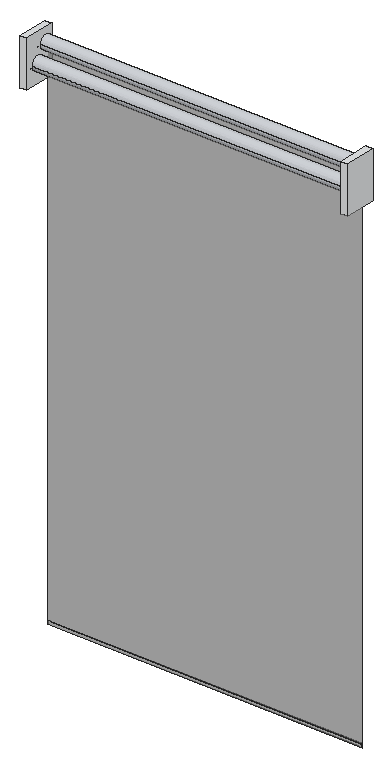
Revit family "Window_Shade-Draper_Inc.-Dual_Roller_Motorized_FlexShade", category Specialty Equipment, Revit 2017
Family settings
  Round Connector Dimension = Use Diameter
  Part Type = Normal
  OmniClass Number = 23.30.20.11
  OmniClass Title = Window Components
  Work Plane-Based = No
  Always vertical = Yes
  Cut with Voids When Loaded = No
  Shared = No
  Room Calculation Point = No
Parameters (values of type "Dual Roller Motorized FlexShade")
  Width = B  # 0' - 6 13/16"
  Voltage = 120 V
  URL = "http://www.DraperInc.com"
  Shade Material = Fabric - Draper - Green Screen Revive 5%
  Raised [instance] = not(Lowered)  # yes
  Product Page URL = "https://www.draperinc.com/windowshades/productdetail.aspx?detail=29"
  Product Name = "Dual Roller Motorized FlexShade®"  # constant formula
  Product Documentation Link = "https://www.draperinc.com/DocumentDownload.aspx?path=WindowShades/instructions&file=FasciaBattery_24V_DualRoller_Inst.pdf"
  Power Factor = 1
  Phase = 1
  Overall Height = 6' - 0"
  Number of Poles = 1
  Model = "Dual Roller Motorized FlexShade®"  # constant formula
  Material = ""
  Manufacturer Contact = "1-800-238-7999"  # constant formula
  Manufacturer = "Draper Inc."  # constant formula
  Lowered 2 = yes
  Lowered [instance] = no
  Length = 4' - 0"
  Head Box = no
  Frequency = 60 Hz
  Fascia Material = Powder Coat - Draper - White
  Fascia = no
  Description = "Dual Motorized Shade"  # constant formula
  Depth = A  # 0' - 4 5/8"
  C Length = if(Length < 3' 0", 3' 0", if(Length > 16' 0", 16' 0", Length))  # 4' - 0"
  C Height = if(Overall Height < 0' 4", 0' 4", if(Overall Height > 24' 0", 24' 0", Overall Height))  # 6' - 0"
  Brackets Only = yes
  Apparent Load = 156 VA
  A = 0' - 4 5/8"
  B = 0' - 6 13/16"
  C = 0' - 0"
  D = 0' - 0"
  E = 0' - 1"
Reference planes (in)
  plane 1 "Center (Front/Back)": y = 0
  plane 2: z = 0
  plane 3 "Center (Left/Right)": x = 0
  plane 4 "Front": y = -4.625
  plane 5 "Left": x = -24
  plane 6 "Right": x = 24
  plane 7 "Bottom": z = -72
  plane 8: x = -23.9375
  plane 9: x = 23.9375
  plane 10: z = -71.4775
  plane 11: x = -23.0625
  plane 12: x = 23.0625
  plane 13: z = 6.8125
  plane 14: y = -1.1875
Forms (in)
  Extrusion 1, solid, material "Fabric - Draper - Green Screen Revive 5%" <- "Shade Material", visible <- "Lowered 2"
    sketch origin (0, 0, 0) x (0, 1, 0) y (0, 0, 1)
      loop
        spline (-0.62504, -72) -> (-0.61311, -71.9726) -> (-0.6027, -71.93679) -> (-0.59419, -71.89386) -> (-0.58788, -71.84536) -> (-0.584, -71.79303) -> (-0.58269, -71.73875) -> (-0.584, -71.68447) -> (-0.58788, -71.63214) -> (-0.59419, -71.58364) -> (-0.6027, -71.54072) -> (-0.61311, -71.50491) -> (-0.62504, -71.4775)
        line (-0.62504, -71.4775) -> (-0.68598, -71.4775)
        spline (-0.68598, -71.4775) -> (-0.69791, -71.50491) -> (-0.70832, -71.54072) -> (-0.71683, -71.58364) -> (-0.72314, -71.63214) -> (-0.72702, -71.68447) -> (-0.72833, -71.73875) -> (-0.72702, -71.79303) -> (-0.72314, -71.84536) -> (-0.71683, -71.89386) -> (-0.70832, -71.93679) -> (-0.69791, -71.9726) -> (-0.68598, -72)
        line (-0.68598, -72) -> (-0.62504, -72)
    from -23.0625 to 23.0625
  Sweep 2, solid, material "Fabric - Draper - Green Screen Revive 5%" <- "Shade Material", visible <- "Lowered 2"
    path origin (0, 0, 0) x (0, 1, 0) y (0, 0, 1)
      loop
        line (-0.65551, 4.9375) -> (-0.65551, -71.4775)
    profile origin (0, -0.65551, -71.4775) x (1, 0, 0) y (0, 1, 0)
      loop
        line (-23.0625, 0.03125) -> (-23.0625, -0.03125) -> (23.0625, -0.03125) -> (23.0625, 0.03125) -> (-23.0625, 0.03125)
  Extrusion 3, solid
    sketch origin (0, 0, 0) x (0, 1, 0) y (0, 0, 1)
      loop
        circle (-1.1875, 4.9375) r 1
    from -23.9375 to 23.9375
  Sweep 4, solid, material "Fabric - Draper - Green Screen Revive 5%" <- "Shade Material", visible <- "Lowered"
    path origin (0, -1.2, 0) x (0, 1, 0) y (0, 0, 1)
      loop
        line (-0.65551, 2.7725) -> (-0.65551, -71.4775)
    profile origin (0, -1.85551, -71.4775) x (1, 0, 0) y (0, 1, 0)
      loop
        line (-23.0625, 0.03125) -> (-23.0625, -0.03125) -> (23.0625, -0.03125) -> (23.0625, 0.03125) -> (-23.0625, 0.03125)
  Extrusion 5, solid
    sketch origin (0, 0, -3) x (0, 1, 0) y (0, 0, 1)
      loop
        circle (-2.6875, 5.80353) r 1
    from -23.9375 to 23.9375
  Extrusion 6, solid, material "Fabric - Draper - Green Screen Revive 5%" <- "Shade Material", visible <- "Lowered"
    sketch origin (0, -1.2, 0) x (0, 1, 0) y (0, 0, 1)
      loop
        spline (-0.62504, -72) -> (-0.61311, -71.9726) -> (-0.6027, -71.93679) -> (-0.59419, -71.89386) -> (-0.58788, -71.84536) -> (-0.584, -71.79303) -> (-0.58269, -71.73875) -> (-0.584, -71.68447) -> (-0.58788, -71.63214) -> (-0.59419, -71.58364) -> (-0.6027, -71.54072) -> (-0.61311, -71.50491) -> (-0.62504, -71.4775)
        line (-0.62504, -71.4775) -> (-0.68598, -71.4775)
        spline (-0.68598, -71.4775) -> (-0.69791, -71.50491) -> (-0.70832, -71.54072) -> (-0.71683, -71.58364) -> (-0.72314, -71.63214) -> (-0.72702, -71.68447) -> (-0.72833, -71.73875) -> (-0.72702, -71.79303) -> (-0.72314, -71.84536) -> (-0.71683, -71.89386) -> (-0.70832, -71.93679) -> (-0.69791, -71.9726) -> (-0.68598, -72)
        line (-0.68598, -72) -> (-0.62504, -72)
    from -23.0625 to 23.0625
Lines and regions (in)
  Masking region 1
    outline origin (0, 0, 0) x (1, 0, 0) y (0, 1, 0)
      loop
        line (-24, 0) -> (-24, -4.625) -> (24, -4.625) -> (24, 0) -> (-24, 0)
  Masking region 2
    outline origin (0, 0, 0) x (1, 0, 0) y (0, 1, 0)
      loop
        line (24, -4.625) -> (24, 0) -> (23.9375, 0) -> (23.9375, -4.625) -> (24, -4.625)
  Masking region 3
    outline origin (-98.4375, 0, 0) x (1, 0, 0) y (0, 1, 0)
      loop
        line (74.5, -4.625) -> (74.5, 0) -> (74.4375, 0) -> (74.4375, -4.625) -> (74.5, -4.625)
  symbolic lines, detail levels medium+fine
    curve 1: line (23.92951, -0.06265, 0) -> (23.9375, -0.06265, 0)
    curve 2: line (23.92951, -0.06265, 0) -> (23.92951, -3.61439, 0)
    curve 3: line (23.92951, -3.61439, 0) -> (23.9375, -3.61439, 0)
    curve 6: line (24, -4.5, 0) -> (-24, -4.5, 0)
  symbolic lines, detail levels fine
    curve 4: circle (-23.75419, 0, 6.17499) r 0.0625 normal (0, -1, 0)
    curve 5: circle (23.75419, 0, 6.17499) r 0.0625 normal (0, 1, 0)
    curve 7: line (-23.9375, -0.125, 0) -> (23.92951, -0.125, 0)
    curve 8: line (-23.9375, -1.40928, 0) -> (-23.9375, -0.125, 0)
    curve 9: line (23.92951, -1.40928, 0) -> (-23.9375, -1.40928, 0)
    curve 10: line (23.92951, -0.125, 0) -> (23.92951, -1.40928, 0)
Dimensions and locks (in)
  plane 1 "Center (Front/Back)" to plane 4 "Front" = 0' - 4 5/8"
  locked: plane 10 to plane 7 "Bottom" at 0.5225
  locked: plane 5 "Left" to plane 11 at 0.9375
  locked: plane 12 to plane 6 "Right" at 0.9375
  Sweep 2 sketch curve to profile plane to Sweep 2 sketch curve = 0' - 0 1/32" locked, 0' - 0 1/32" locked
  locked: plane 13 to Sweep 2 sketch curve at 1.875
  "Depth": plane 1 "Center (Front/Back)" to plane 4 "Front"
  "C Height": plane 7 "Bottom" to level
  equal spacing: plane 5 "Left", plane 3 "Center (Left/Right)", plane 6 "Right"
  "C Length": plane 5 "Left" to plane 6 "Right"
  locked: plane 10 to Sweep 2 sketch curve at 0
  locked: plane 1 "Center (Front/Back)" to Sweep 2 sketch curve at 0.65551
  locked: plane 13 to curve 4 at 0.63751
  locked: plane 5 "Left" to curve 4 at 0.24581
  locked: curve 5 to plane 6 "Right" at 0.24581
  locked: plane 13 to curve 5 at 0.63751
  "Width": plane 13 to plane 2
  plane 1 "Center (Front/Back)" to Extrusion 1 sketch curve to Extrusion 1 sketch curve to Extrusion 1 sketch curve = 0' - 0.58269" locked, 0' - 0.07282" locked, 0' - 0.07282" locked
  locked: plane 14 to Extrusion 3 sketch curve at 0
  locked: Extrusion 3 sketch curve to level at 4.9375
  locked: Extrusion 3 sketch curve to plane 14 at 1
  Sweep 4 sketch curve to profile plane to Sweep 4 sketch curve = 0' - 0 1/32" locked, 0' - 0 1/32" locked
  locked: Extrusion 5 sketch curve to level at 2.80353
  locked: plane 14 to Extrusion 5 sketch curve at 1.5
  locked: plane 14 to Extrusion 5 sketch curve at 2.5
  locked: plane 13 to Sweep 4 sketch curve at 4.04
  plane 1 "Center (Front/Back)" to Extrusion 6 sketch curve to Extrusion 6 sketch curve to Extrusion 6 sketch curve = 0' - 1.78269" locked, 0' - 0.07282" locked, 0' - 0.07282" locked
  aligned and locked: level to plane 2
  aligned and locked: plane 11 to Sweep 2 sketch curve
  aligned and locked: Sweep 2 sketch curve to plane 12
  aligned and locked: plane 4 "Front" to Masking region 2 sketch curve
  aligned and locked: plane 1 "Center (Front/Back)" to Masking region 3 sketch curve
  aligned and locked: plane 8 to Masking region 3 sketch curve
  aligned and locked: Masking region 3 sketch curve to plane 5 "Left"
  aligned and locked: plane 4 "Front" to Masking region 3 sketch curve
  aligned and locked: plane 9 to curve 1
  aligned and locked: plane 9 to curve 3
  aligned and locked: Extrusion 1 sketch curve to plane 7 "Bottom"
  aligned and locked: Extrusion 1 sketch curve to plane 10
  aligned and locked: plane 11 to Extrusion 1
  aligned and locked: Extrusion 1 to plane 12
  aligned and locked: plane 1 "Center (Front/Back)" to Masking region 1 sketch curve
  aligned and locked: Masking region 1 sketch curve to plane 5 "Left"
  aligned and locked: Masking region 1 sketch curve to plane 4 "Front"
  aligned and locked: Masking region 1 sketch curve to plane 6 "Right"
  aligned and locked: plane 6 "Right" to curve 6
  aligned and locked: plane 5 "Left" to curve 6
  aligned and locked: curve 2 to curve 10
  aligned and locked: plane 3 "Center (Left/Right)" to nested 1
  aligned and locked: plane 1 "Center (Front/Back)" to nested 1
  aligned and locked: plane 13 to nested 1
  aligned and locked: plane 3 "Center (Left/Right)" to nested 2
  aligned and locked: plane 1 "Center (Front/Back)" to nested 2
  aligned and locked: plane 13 to nested 2
  aligned and locked: plane 3 "Center (Left/Right)" to nested 3
  aligned and locked: plane 1 "Center (Front/Back)" to nested 3
  aligned and locked: plane 13 to nested 3
  aligned and locked: plane 8 to Extrusion 3
  aligned and locked: Extrusion 3 to plane 9
  aligned and locked: plane 11 to Extrusion 6
  aligned and locked: Extrusion 6 to plane 12
  aligned and locked: Sweep 4 sketch curve to plane 11
  aligned and locked: plane 12 to Sweep 4 sketch curve
Automatic sketch dimensions
  curve 8 to plane 8 = 0' - 0"
  curve 2 to curve 3 = 0' - 0.00799"
  plane 4 "Front" to curve 2 = 0' - 1.01061"
  curve 10 to plane 14 = 0' - 0.22178"
  plane 1 "Center (Front/Back)" to curve 10 = 0' - 0 1/8"
  curve 7 to curve 1 = 0' - 0.06235"
  plane 4 "Front" to curve 6 = 0' - 0 1/8"
  Extrusion 1 sketch curve to Extrusion 1 sketch curve = 0' - 0.03047"  (x3)
  Extrusion 1 sketch curve to Extrusion 1 sketch curve = 0' - 0.06093"
  Extrusion 1 sketch curve to Extrusion 1 sketch curve = 0' - 0"
  Masking region 2 sketch curve to plane 9 = 0' - 0"
  plane 1 "Center (Front/Back)" to Masking region 2 sketch curve = 0' - 0"
  Masking region 2 sketch curve to plane 6 "Right" = 0' - 0"
  plane 10 to Sweep 4 sketch curve = 0' - 0"
  Sweep 4 sketch curve to plane 14 = 0' - 0.66801"
  plane 10 to Extrusion 6 sketch curve = 0' - 0"
  Extrusion 6 sketch curve to plane 7 "Bottom" = 0' - 0"
  Extrusion 6 sketch curve to Extrusion 6 sketch curve = 0' - 0"  (x2)
  Extrusion 6 sketch curve to Extrusion 6 sketch curve = 0' - 0.06093"  (x2)
  Extrusion 6 sketch curve to Extrusion 6 sketch curve = 0' - 0.03047"
  radius of curve 4 = 0' - 0 1/16"
  radius of curve 5 = 0' - 0 1/16"
Nested families (in)
  nested 1: "Headbox Flex_2" at (0, 0, 0), visible <- "Head Box", type "Small"
    with Width 0' - 6 13/16", Depth 0' - 4 5/8", A 0' - 4 5/8", B 0' - 6 13/16"
  nested 2: "Square Flex_2" at (0, 0, 0), visible <- "Fascia", type "Small"
    with Width 0' - 6 13/16", Depth 0' - 4 5/8", A 0' - 4 5/8", B 0' - 6 13/16"
  nested 3: "Brackets Flex_2" at (0, 0, 0), visible <- "Brackets Only", type "Small"
    with Width 0' - 6 13/16", Depth 0' - 4 5/8", A 0' - 4 5/8", B 0' - 6 13/16"
Connectors (in)
  electrical at (24, -2.3125, 3.40625), driven by "Voltage", driven by "Apparent Load", driven by "Number of Poles", driven by "Power Factor"
    settings: on nested 1, index 1, voltage 120 V, apparent load 0 VA, apparent load phase1 156 VA, apparent load phase2 0 VA, apparent load phase3 0 VA, power factor 1, load classification "Other", number of poles 1, system type 31, power factor state 1, is connector primary yes, connector utility no, sub classification motor no, connector description "Power Connection"
Definition of nested family "Headbox Flex_2"
  Parameters
    Width = B  # 0' - 6 5/8"
    URL = "http://www.DraperInc.com"
    Shade Material = none
    Product Page URL = "http://www.draperinc.com/WindowShades/shadeProducts.asp?detail=6"
    Product Name = "Motorized FlexShade 2"  # constant formula
    Product Documentation Link = "http://www.draperinc.com/WindowShades/shadeProducts.asp?detail=6#"
    Model = ""
    Manufacturer Contact = "1-800-238-7999"  # constant formula
    Manufacturer = "Draper Inc."  # constant formula
    Overall Height = 6' - 0"
    Length = 4' - 0"
    Fascia Material = none
    Description = "Motorized Shade"  # constant formula
    Depth = A  # 0' - 6 5/8"
    A = 0' - 6 5/8"
    B = 0' - 6 5/8"
    C = 0' - 0"
    D = 0' - 0"
    E = 0' - 1"
  Reference planes (in)
    plane 1 "Center (Front/Back)": y = 0
    plane 2: z = 0
    plane 3 "Center (Left/Right)": x = 0
    plane 4 "Front": y = -6.625
    plane 5 "Left": x = -24
    plane 6 "Right": x = 24
    plane 7: x = -23.9375
    plane 8: x = 23.9375
    plane 9: x = -23.0625
    plane 10: x = 23.0625
    plane 11: z = 6.625
    plane 12: y = -1.1875
  Forms (in)
    Extrusion 1, solid, material <- "Fascia Material"
      sketch origin (0, 0, 0) x (0, 1, 0) y (0, 0, 1)
        loop
          line (0, 6.625) -> (-6.625, 6.625) -> (-6.625, 0) -> (-1.40928, 0) -> (-1.40928, 0.125) -> (-6.5, 0.125) -> (-6.5, 6.5) -> (-0.125, 6.5) -> (-0.125, 0.125) -> (-0.49703, 0.125) -> (-0.49703, 0) -> (0, 0) -> (0, 6.625)
      from -23.9375 to 23.92951
    Extrusion 2, solid, material <- "Fascia Material"
      sketch origin (0, 0, 0) x (0, 1, 0) y (0, 0, 1)
        loop
          line (-6.625, 6.625) -> (-6.625, 0) -> (0, 0) -> (0, 6.625) -> (-6.625, 6.625)
      from 23.9375 to 24
    Extrusion 3, solid, material <- "Fascia Material"
      sketch origin (0, 0, 0) x (0, 1, 0) y (0, 0, 1)
        loop
          line (0, 6.625) -> (-6.625, 6.625) -> (-6.625, 0) -> (0, 0) -> (0, 6.625)
      from -24 to -23.9375
  Lines and regions (in)
    Masking region 1
      outline origin (0, 0, 0) x (1, 0, 0) y (0, 1, 0)
        loop
          line (-24, 0) -> (-24, -6.625) -> (24, -6.625) -> (24, 0) -> (-24, 0)
    Masking region 2
      outline origin (0, 0, 0) x (1, 0, 0) y (0, 1, 0)
        loop
          line (24, -6.625) -> (24, 0) -> (23.9375, 0) -> (23.9375, -6.625) -> (24, -6.625)
    Masking region 3
      outline origin (-98.4375, 0, 0) x (1, 0, 0) y (0, 1, 0)
        loop
          line (74.5, -6.625) -> (74.5, 0) -> (74.4375, 0) -> (74.4375, -6.625) -> (74.5, -6.625)
    Masking region 4
      outline origin (0, 0, 0) x (0, 1, 0) y (0, 0, 1)
        loop
          line (0, 6.625) -> (-6.625, 6.625) -> (-6.625, 0) -> (0, 0) -> (0, 6.625)
    symbolic lines, detail levels medium+fine
      curve 1: line (23.92951, -0.06265, 0) -> (23.9375, -0.06265, 0)
      curve 2: line (23.92951, -0.06265, 0) -> (23.92951, -5.61439, 0)
      curve 3: line (23.92951, -5.61439, 0) -> (23.9375, -5.61439, 0)
      curve 6: line (24, -6.5, 0) -> (-24, -6.5, 0)
    symbolic lines, detail levels fine
      curve 4: circle (-23.75419, 0, 5.98749) r 0.0625 normal (0, -1, 0)
      curve 5: circle (23.75419, 0, 5.98749) r 0.0625 normal (0, 1, 0)
      curve 7: line (-23.9375, -0.125, 0) -> (23.92951, -0.125, 0)
      curve 8: line (-23.9375, -1.40928, 0) -> (-23.9375, -0.125, 0)
      curve 9: line (23.92951, -1.40928, 0) -> (-23.9375, -1.40928, 0)
      curve 10: line (23.92951, -0.125, 0) -> (23.92951, -1.40928, 0)
  Dimensions and locks (in)
    plane 1 "Center (Front/Back)" to plane 4 "Front" = 0' - 6 5/8"
    locked: plane 5 "Left" to plane 9 at 0.9375
    locked: plane 10 to plane 6 "Right" at 0.9375
    "Depth": plane 1 "Center (Front/Back)" to plane 4 "Front"
    equal spacing: plane 5 "Left", plane 3 "Center (Left/Right)", plane 6 "Right"
    "Length": plane 5 "Left" to plane 6 "Right"
    plane 5 "Left" to Extrusion 1 = 0' - 0 1/16"
    locked: Extrusion 1 to plane 6 "Right" at 0.07049
    locked: plane 11 to curve 4 at 0.63751
    locked: plane 5 "Left" to curve 4 at 0.24581
    locked: curve 5 to plane 6 "Right" at 0.24581
    locked: plane 11 to curve 5 at 0.63751
    "Width": plane 11 to plane 2
    locked: plane 1 "Center (Front/Back)" to Extrusion 1 sketch curve at 0.125
    locked: Extrusion 1 sketch curve to plane 4 "Front" at 0.125
    locked: plane 11 to Extrusion 1 sketch curve at 0.125
    locked: Extrusion 1 sketch curve to plane 2 at 0.125  (x2)
    locked: Extrusion 1 to plane 4 "Front" at 0.125
    aligned and locked: level to plane 2
    aligned and locked: Extrusion 2 to plane 6 "Right"
    aligned and locked: plane 8 to Extrusion 2
    aligned and locked: plane 5 "Left" to Extrusion 3
    aligned and locked: Extrusion 3 to plane 7
    aligned and locked: Masking region 2 sketch curve to Extrusion 2  (x2)
    aligned and locked: plane 4 "Front" to Masking region 2 sketch curve
    aligned and locked: plane 1 "Center (Front/Back)" to Masking region 3 sketch curve
    aligned and locked: plane 7 to Masking region 3 sketch curve
    aligned and locked: Masking region 3 sketch curve to plane 5 "Left"
    aligned and locked: plane 4 "Front" to Masking region 3 sketch curve
    aligned and locked: plane 8 to curve 1
    aligned and locked: plane 8 to curve 3
    aligned and locked: plane 11 to Extrusion 3 sketch curve
    aligned and locked: Extrusion 3 sketch curve to plane 1 "Center (Front/Back)"
    aligned and locked: Extrusion 3 sketch curve to level
    aligned and locked: Extrusion 3 sketch curve to plane 4 "Front"
    aligned and locked: Extrusion 1 sketch curve to Extrusion 2  (x4)
    aligned and locked: plane 7 to Extrusion 1
    aligned and locked: plane 1 "Center (Front/Back)" to Masking region 1 sketch curve
    aligned and locked: Masking region 1 sketch curve to plane 5 "Left"
    aligned and locked: Masking region 1 sketch curve to plane 4 "Front"
    aligned and locked: Masking region 1 sketch curve to plane 6 "Right"
    aligned and locked: plane 6 "Right" to curve 6
    aligned and locked: plane 5 "Left" to curve 6
    aligned and locked: Masking region 4 sketch curve to Extrusion 1  (x3)
    aligned and locked: Masking region 4 sketch curve to Extrusion 2
    aligned and locked: curve 7 to Extrusion 1
    aligned and locked: curve 8 to Extrusion 1
    aligned and locked: curve 9 to Extrusion 1
    aligned and locked: curve 2 to curve 10
  Automatic sketch dimensions
    plane 1 "Center (Front/Back)" to Masking region 2 sketch curve = 0' - 0"
    Extrusion 2 sketch curve to plane 1 "Center (Front/Back)" = 0' - 0"
    Extrusion 2 sketch curve to plane 11 = 0' - 0"
    Extrusion 1 sketch curve to level = 0' - 0"
    Extrusion 1 sketch curve to plane 12 = 0' - 0.22178"
    Extrusion 1 sketch curve to Extrusion 1 sketch curve = 0' - 0.37203"
    curve 2 to curve 3 = 0' - 0.00799"
    plane 4 "Front" to curve 6 = 0' - 0 1/8"
    curve 6 to curve 2 = 0' - 0.88561"
    plane 1 "Center (Front/Back)" to curve 1 = 0' - 0.06265"
    Extrusion 2 sketch curve to plane 4 "Front" = 0' - 0"
    level to Extrusion 2 sketch curve = 0' - 0"
    radius of curve 4 = 0' - 0 1/16"
    radius of curve 5 = 0' - 0 1/16"
Definition of nested family "Square Flex_2"
  Parameters (values of type "Small")
    Width = B  # 0' - 3 13/32"
    URL = "http://www.DraperInc.com"
    Shade Material = none
    Product Page URL = "http://www.draperinc.com/WindowShades/shadeProducts.asp?detail=6"
    Product Name = "Motorized FlexShade 2"  # constant formula
    Product Documentation Link = "http://www.draperinc.com/WindowShades/shadeProducts.asp?detail=6#"
    Model = ""
    Manufacturer Contact = "1-800-238-7999"  # constant formula
    Manufacturer = "Draper Inc."  # constant formula
    Overall Height = 6' - 0"
    Length = 4' - 0"
    Fascia Material = none
    Description = "Motorized Shade"  # constant formula
    Depth = A  # 0' - 3 103/256"
    A = 0' - 3 103/256"
    B = 0' - 3 13/32"
    C = 0' - 0"
    D = 0' - 0"
    E = 0' - 1"
  Reference planes (in)
    plane 1 "Center (Front/Back)": y = 0
    plane 2: z = 0
    plane 3 "Center (Left/Right)": x = 0
    plane 4 "Front": y = -3.40234
    plane 5 "Left": x = -24
    plane 6 "Right": x = 24
    plane 7: x = -23.9375
    plane 8: x = 23.9375
    plane 9: x = -23.0625
    plane 10: x = 23.0625
    plane 11: z = 3.40625
    plane 12: y = -1.1875
  Forms (in)
    Extrusion 1, solid, material <- "Fascia Material"
      sketch origin (0, 0, 0) x (0, 1, 0) y (0, 0, 1)
        loop
          line (-2.90234, 3.40625) -> (-3.40234, 3.40625) -> (-3.40234, 0) -> (-1.40928, 0) -> (-1.40928, 0.125) -> (-3.27734, 0.125) -> (-3.27734, 3.28125) -> (-2.90234, 3.28125) -> (-2.90234, 3.40625)
      from -23.9375 to 23.92951
    Extrusion 2, solid, material <- "Fascia Material"
      sketch origin (0, 0, 0) x (0, 1, 0) y (0, 0, 1)
        loop
          line (-3.40234, 3.40625) -> (-3.40234, 0) -> (0, 0) -> (0, 3.40625) -> (-3.40234, 3.40625)
      from 23.9375 to 24
    Extrusion 3, solid, material <- "Fascia Material"
      sketch origin (0, 0, 0) x (0, 1, 0) y (0, 0, 1)
        loop
          line (0, 3.40625) -> (-3.40234, 3.40625) -> (-3.40234, 0) -> (0, 0) -> (0, 3.40625)
      from -24 to -23.9375
  Lines and regions (in)
    Masking region 1
      outline origin (0, 0, 0) x (1, 0, 0) y (0, 1, 0)
        loop
          line (-24, 0) -> (-24, -3.40234) -> (24, -3.40234) -> (24, 0) -> (-24, 0)
    Masking region 2
      outline origin (0, 0, 0) x (1, 0, 0) y (0, 1, 0)
        loop
          line (24, -3.40234) -> (24, 0) -> (23.9375, 0) -> (23.9375, -3.40234) -> (24, -3.40234)
    Masking region 3
      outline origin (-98.4375, 0, 0) x (1, 0, 0) y (0, 1, 0)
        loop
          line (74.5, -3.40234) -> (74.5, 0) -> (74.4375, 0) -> (74.4375, -3.40234) -> (74.5, -3.40234)
    Masking region 4
      outline origin (0, 0, 0) x (0, 1, 0) y (0, 0, 1)
        loop
          line (0, 3.40625) -> (-3.40234, 3.40625) -> (-3.40234, 0) -> (0, 0) -> (0, 3.40625)
    symbolic lines, detail levels medium+fine
      curve 1: line (23.92951, -0.06265, 0) -> (23.9375, -0.06265, 0)
      curve 2: line (23.92951, -0.06265, 0) -> (23.92951, -2.39173, 0)
      curve 3: line (23.92951, -2.39173, 0) -> (23.9375, -2.39173, 0)
      curve 6: line (24, -3.27734, 0) -> (-24, -3.27734, 0)
    symbolic lines, detail levels fine
      curve 4: circle (-23.75419, 0, 2.76874) r 0.0625 normal (0, -1, 0)
      curve 5: circle (23.75419, 0, 2.76874) r 0.0625 normal (0, 1, 0)
      curve 7: line (-23.9375, -0.125, 0) -> (23.92951, -0.125, 0)
      curve 8: line (-23.9375, -1.40928, 0) -> (-23.9375, -0.125, 0)
      curve 9: line (23.92951, -1.40928, 0) -> (-23.9375, -1.40928, 0)
      curve 10: line (23.92951, -0.125, 0) -> (23.92951, -1.40928, 0)
  Dimensions and locks (in)
    plane 1 "Center (Front/Back)" to plane 4 "Front" = 0' - 3 103/256"
    locked: plane 5 "Left" to plane 9 at 0.9375
    locked: plane 10 to plane 6 "Right" at 0.9375
    "Depth": plane 1 "Center (Front/Back)" to plane 4 "Front"
    equal spacing: plane 5 "Left", plane 3 "Center (Left/Right)", plane 6 "Right"
    "Length": plane 5 "Left" to plane 6 "Right"
    plane 5 "Left" to Extrusion 1 = 0' - 0 1/16"
    locked: Extrusion 1 to plane 6 "Right" at 0.07049
    locked: plane 11 to curve 4 at 0.63751
    locked: plane 5 "Left" to curve 4 at 0.24581
    locked: curve 5 to plane 6 "Right" at 0.24581
    locked: plane 11 to curve 5 at 0.63751
    "Width": plane 11 to plane 2
    locked: Extrusion 1 sketch curve to plane 4 "Front" at 0.125
    locked: plane 11 to Extrusion 1 sketch curve at 0.125
    locked: Extrusion 1 sketch curve to plane 2 at 0.125
    locked: Extrusion 1 to plane 4 "Front" at 0.125
    locked: Extrusion 1 sketch curve to plane 4 "Front" at 0.5
    aligned and locked: level to plane 2
    aligned and locked: Extrusion 2 to plane 6 "Right"
    aligned and locked: plane 8 to Extrusion 2
    aligned and locked: plane 5 "Left" to Extrusion 3
    aligned and locked: Extrusion 3 to plane 7
    aligned and locked: Masking region 2 sketch curve to Extrusion 2  (x2)
    aligned and locked: plane 4 "Front" to Masking region 2 sketch curve
    aligned and locked: plane 1 "Center (Front/Back)" to Masking region 3 sketch curve
    aligned and locked: plane 7 to Masking region 3 sketch curve
    aligned and locked: Masking region 3 sketch curve to plane 5 "Left"
    aligned and locked: plane 4 "Front" to Masking region 3 sketch curve
    aligned and locked: plane 8 to curve 1
    aligned and locked: plane 8 to curve 3
    aligned and locked: plane 11 to Extrusion 3 sketch curve
    aligned and locked: Extrusion 3 sketch curve to plane 1 "Center (Front/Back)"
    aligned and locked: Extrusion 3 sketch curve to level
    aligned and locked: Extrusion 3 sketch curve to plane 4 "Front"
    aligned and locked: Extrusion 2 to Extrusion 1 sketch curve
    aligned and locked: Extrusion 1 sketch curve to Extrusion 2  (x2)
    aligned and locked: plane 7 to Extrusion 1
    aligned and locked: plane 1 "Center (Front/Back)" to Masking region 1 sketch curve
    aligned and locked: Masking region 1 sketch curve to plane 5 "Left"
    aligned and locked: Masking region 1 sketch curve to plane 4 "Front"
    aligned and locked: Masking region 1 sketch curve to plane 6 "Right"
    aligned and locked: plane 6 "Right" to curve 6
    aligned and locked: plane 5 "Left" to curve 6
    aligned and locked: Masking region 4 sketch curve to Extrusion 1  (x2)
    aligned and locked: Masking region 4 sketch curve to Extrusion 2
    aligned and locked: curve 8 to Extrusion 1
    aligned and locked: curve 9 to Extrusion 1
    aligned and locked: curve 2 to curve 10
  Automatic sketch dimensions
    plane 1 "Center (Front/Back)" to Masking region 2 sketch curve = 0' - 0"
    Extrusion 2 sketch curve to plane 1 "Center (Front/Back)" = 0' - 0"
    Extrusion 2 sketch curve to plane 11 = 0' - 0"
    curve 2 to curve 3 = 0' - 0.00799"
    plane 4 "Front" to curve 6 = 0' - 0 1/8"
    curve 6 to curve 2 = 0' - 0.88561"
    plane 1 "Center (Front/Back)" to curve 1 = 0' - 0.06265"
    Extrusion 2 sketch curve to plane 4 "Front" = 0' - 0"
    level to Extrusion 2 sketch curve = 0' - 0"
    Extrusion 1 sketch curve to plane 12 = 0' - 0.22178"
    curve 10 to curve 1 = 0' - 0.06235"
    Masking region 4 sketch curve to plane 1 "Center (Front/Back)" = 0' - 0"
    radius of curve 4 = 0' - 0 1/16"
    radius of curve 5 = 0' - 0 1/16"
Definition of nested family "Brackets Flex_2"
  Parameters (values of type "Small")
    Width = B  # 0' - 3 13/32"
    URL = "http://www.DraperInc.com"
    Shade Material = none
    Product Page URL = "http://www.draperinc.com/WindowShades/shadeProducts.asp?detail=6"
    Product Name = "Motorized FlexShade 2"  # constant formula
    Product Documentation Link = "http://www.draperinc.com/WindowShades/shadeProducts.asp?detail=6#"
    Model = ""
    Manufacturer Contact = "1-800-238-7999"  # constant formula
    Manufacturer = "Draper Inc."  # constant formula
    Overall Height = 6' - 0"
    Length = 4' - 0"
    Fascia Material = none
    Description = "Motorized Shade"  # constant formula
    Depth = A  # 0' - 3 103/256"
    A = 0' - 3 103/256"
    B = 0' - 3 13/32"
    C = 0' - 0"
    D = 0' - 0"
    E = 0' - 1"
  Reference planes (in)
    plane 1 "Center (Front/Back)": y = 0
    plane 2: z = 0
    plane 3 "Center (Left/Right)": x = 0
    plane 4 "Front": y = -3.40234
    plane 5 "Left": x = -24
    plane 6 "Right": x = 24
    plane 7: x = -23.9375
    plane 8: x = 23.9375
    plane 9: x = -23.0625
    plane 10: x = 23.0625
    plane 11: z = 3.40625
    plane 12: y = -1.1875
  Forms (in)
    Extrusion 1, solid, material <- "Fascia Material"
      sketch origin (0, 0, 0) x (0, 1, 0) y (0, 0, 1)
        loop
          line (-3.40234, 3.40625) -> (-3.40234, 0) -> (0, 0) -> (0, 3.40625) -> (-3.40234, 3.40625)
      from 23.0625 to 24
    Extrusion 2, solid, material <- "Fascia Material"
      sketch origin (0, 0, 0) x (0, 1, 0) y (0, 0, 1)
        loop
          line (0, 3.40625) -> (-3.40234, 3.40625) -> (-3.40234, 0) -> (0, 0) -> (0, 3.40625)
      from -24 to -23.0625
  Lines and regions (in)
    Masking region 1
      outline origin (0, 0, 0) x (1, 0, 0) y (0, 1, 0)
        loop
          line (-24, 0) -> (-24, -3.40234) -> (24, -3.40234) -> (24, 0) -> (-24, 0)
    Masking region 2
      outline origin (0, 0, 0) x (1, 0, 0) y (0, 1, 0)
        loop
          line (24, -3.40234) -> (24, 0) -> (23.0625, 0) -> (23.0625, -3.40234) -> (24, -3.40234)
    Masking region 3
      outline origin (-98.4375, 0, 0) x (1, 0, 0) y (0, 1, 0)
        loop
          line (74.5, -3.40234) -> (74.5, 0) -> (74.4375, 0) -> (74.4375, -3.40234) -> (74.5, -3.40234)
    Masking region 4
      outline origin (0, 0, 0) x (0, 1, 0) y (0, 0, 1)
        loop
          line (0, 3.40625) -> (-3.40234, 3.40625) -> (-3.40234, 0) -> (0, 0) -> (0, 3.40625)
    symbolic lines, detail levels medium+fine
      curve 1: line (23.92951, -0.06265, 0) -> (23.9375, -0.06265, 0)
      curve 2: line (23.92951, -0.06265, 0) -> (23.92951, -2.39173, 0)
      curve 3: line (23.92951, -2.39173, 0) -> (23.9375, -2.39173, 0)
    symbolic lines, detail levels fine
      curve 4: circle (-23.75419, 0, 2.76874) r 0.0625 normal (0, -1, 0)
      curve 5: circle (23.75419, 0, 2.76874) r 0.0625 normal (0, 1, 0)
      curve 6: line (-23.9375, -1.40928, 0) -> (-23.9375, -0.125, 0)
      curve 7: line (23.92951, -1.40928, 0) -> (-23.9375, -1.40928, 0)
      curve 8: line (23.92951, -0.125, 0) -> (23.92951, -1.40928, 0)
  Dimensions and locks (in)
    plane 1 "Center (Front/Back)" to plane 4 "Front" = 0' - 3 103/256"
    locked: plane 5 "Left" to plane 9 at 0.9375
    locked: plane 10 to plane 6 "Right" at 0.9375
    "Depth": plane 1 "Center (Front/Back)" to plane 4 "Front"
    equal spacing: plane 5 "Left", plane 3 "Center (Left/Right)", plane 6 "Right"
    "Length": plane 5 "Left" to plane 6 "Right"
    locked: plane 11 to curve 4 at 0.63751
    locked: plane 5 "Left" to curve 4 at 0.24581
    locked: curve 5 to plane 6 "Right" at 0.24581
    locked: plane 11 to curve 5 at 0.63751
    "Width": plane 11 to plane 2
    aligned and locked: level to plane 2
    aligned and locked: Extrusion 1 to plane 6 "Right"
    aligned and locked: plane 5 "Left" to Extrusion 2
    aligned and locked: Masking region 2 sketch curve to Extrusion 1  (x2)
    aligned and locked: plane 4 "Front" to Masking region 2 sketch curve
    aligned and locked: plane 1 "Center (Front/Back)" to Masking region 3 sketch curve
    aligned and locked: plane 7 to Masking region 3 sketch curve
    aligned and locked: Masking region 3 sketch curve to plane 5 "Left"
    aligned and locked: plane 4 "Front" to Masking region 3 sketch curve
    aligned and locked: plane 8 to curve 1
    aligned and locked: plane 8 to curve 3
    aligned and locked: plane 11 to Extrusion 2 sketch curve
    aligned and locked: Extrusion 2 sketch curve to plane 1 "Center (Front/Back)"
    aligned and locked: Extrusion 2 sketch curve to level
    aligned and locked: Extrusion 2 sketch curve to plane 4 "Front"
    aligned and locked: plane 1 "Center (Front/Back)" to Masking region 1 sketch curve
    aligned and locked: Masking region 1 sketch curve to plane 5 "Left"
    aligned and locked: Masking region 1 sketch curve to plane 4 "Front"
    aligned and locked: Masking region 1 sketch curve to plane 6 "Right"
    aligned and locked: Masking region 4 sketch curve to Extrusion 1
    aligned and locked: curve 2 to curve 8
    aligned and locked: plane 10 to Extrusion 1
    aligned and locked: Extrusion 2 to plane 9
  Automatic sketch dimensions
    plane 1 "Center (Front/Back)" to Masking region 2 sketch curve = 0' - 0"
    Extrusion 1 sketch curve to plane 1 "Center (Front/Back)" = 0' - 0"
    Extrusion 1 sketch curve to plane 11 = 0' - 0"
    curve 2 to curve 3 = 0' - 0.00799"
    plane 1 "Center (Front/Back)" to curve 1 = 0' - 0.06265"
    Extrusion 1 sketch curve to plane 4 "Front" = 0' - 0"
    level to Extrusion 1 sketch curve = 0' - 0"
    curve 8 to curve 1 = 0' - 0.06235"
    Masking region 4 sketch curve to plane 1 "Center (Front/Back)" = 0' - 0"
    curve 6 to plane 7 = 0' - 0"
    curve 8 to plane 12 = 0' - 0.22178"
    Masking region 4 sketch curve to plane 4 "Front" = 0' - 0"
    Masking region 4 sketch curve to plane 11 = 0' - 0"
    plane 4 "Front" to curve 3 = 0' - 1.01061"
    plane 1 "Center (Front/Back)" to curve 6 = 0' - 0 1/8"
    radius of curve 4 = 0' - 0 1/16"
    radius of curve 5 = 0' - 0 1/16"
